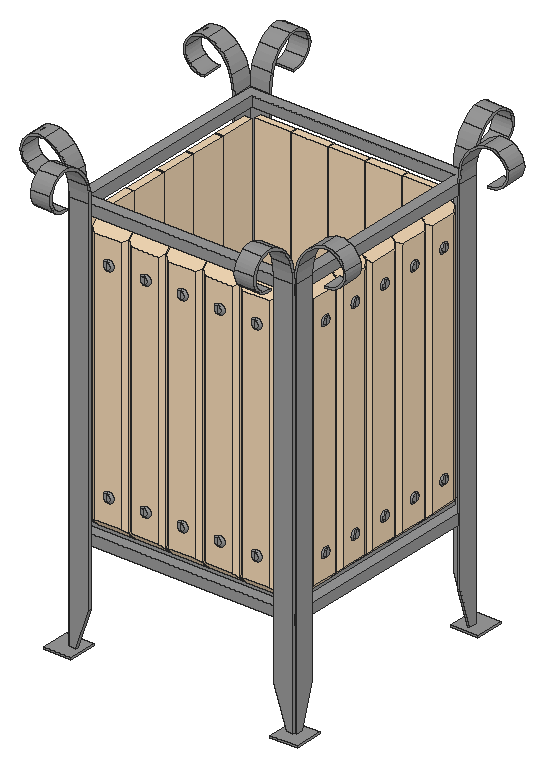
Revit family "Вазон садово-парковый «Топаз»", category Антураж, Revit 2017
Family settings
  На основе рабочей плоскости = Нет
  Всегда вертикально = Да
  При загрузке вырезать с полостями = Нет
  Источник визуального образа = Геометрия семейства
  Общий = Нет
  Точка расчета площади = Нет
Parameters (values of type "Вазон садово-парковый «Топаз»")
  Стоимость = 7776
  Изготовитель = "ООО \"Хоббика\""
  Высота = 0 mm
  АDSK_Материал вазона = Сталь, окрашенная, черная
  URL = "https://hobbyka.ru/product/vazon_sadovo-parkovyi_topaz/?sphrase_id=80627"
  ADSK_Размер_Ширина = 500 mm
  ADSK_Размер_Длина = ADSK_Размер_Ширина  # 500 mm
  ADSK_Размер_Высота = 690 mm
  ADSK_Наименование = "Вазон садово-парковый «Топаз»"
  ADSK_Материал фурнитуры = Сталь, окрашенная, черная
  ADSK_Материал ламелей = Лиственница
  ADSK_Код изделия = "6759"
Reference planes
  plane 1 "По центру (Вперед/Назад)": y = 0
  plane 2: z = 0
  plane 3 "По центру (Влево/Вправо)": x = 0
Forms (mm)
  Extrusion 1, solid, material "Сталь, окрашенная, черная" <- "АDSK_Материал вазона"
    sketch origin (0, 0, 0) x (1, 0, 0) y (0, 0, 1)
      loop
        line (-174.999, 3) -> (-171.999, 3) -> (-171.999, 623)
        arc (-171.999, 623) -> (-172.844, 636.754) -> (-175.364, 650.301) r 112.463
        arc (-175.364, 650.301) -> (-181.412, 663.705) -> (-190.39, 675.353) r 63.326
        arc (-190.39, 675.353) -> (-200.536, 683.518) -> (-212.334, 689.036) r 54.349
        arc (-212.334, 689.036) -> (-223.458, 689.774) -> (-234.085, 686.404) r 30.04
        arc (-234.085, 686.404) -> (-244.281, 677.652) -> (-249.884, 665.439) r 31.395
        arc (-249.884, 665.439) -> (-249.348, 652.428) -> (-242.516, 641.341) r 25.756
        arc (-242.516, 641.341) -> (-231.234, 634.429) -> (-218.102, 632.804) r 31.258
        line (-218.102, 632.804) -> (-218.102, 635.817)
        arc (-218.102, 635.817) -> (-230.115, 637.216) -> (-240.443, 643.51) r 28.258
        arc (-240.443, 643.51) -> (-246.479, 653.305) -> (-246.952, 664.801) r 22.756
        arc (-246.952, 664.801) -> (-241.885, 675.847) -> (-232.664, 683.762) r 28.395
        arc (-232.664, 683.762) -> (-223.145, 686.79) -> (-213.177, 686.155) r 27.04
        arc (-213.177, 686.155) -> (-202.082, 680.947) -> (-192.537, 673.258) r 51.349
        arc (-192.537, 673.258) -> (-184.009, 662.202) -> (-178.251, 649.482) r 60.326
        arc (-178.251, 649.482) -> (-175.815, 636.34) -> (-174.999, 623) r 109.463
        line (-174.999, 623) -> (-174.999, 3)
    from 142 to 172.001
  Extrusion 2, void
    sketch origin (0, 0, 0) x (0, 1, 0) y (0, 0, 1)
      loop
        line (-142, 62.769) -> (-162, 3) -> (-132, 3) -> (-132, 62.769) -> (-142, 62.769)
    from -194.909 to -106.414
  Extrusion 3, solid, material "Сталь, окрашенная, черная" <- "АDSK_Материал вазона"
    sketch origin (0, 0, 0) x (1, 0, 0) y (0, 0, -1)
      loop
        line (-174.999, -3) -> (-174.999, -623)
        arc (-174.999, -623) -> (-175.815, -636.34) -> (-178.251, -649.482) r 109.463
        arc (-178.251, -649.482) -> (-184.009, -662.202) -> (-192.537, -673.258) r 60.326
        arc (-192.537, -673.258) -> (-202.082, -680.947) -> (-213.177, -686.155) r 51.349
        arc (-213.177, -686.155) -> (-223.145, -686.79) -> (-232.664, -683.762) r 27.04
        arc (-232.664, -683.762) -> (-241.885, -675.847) -> (-246.952, -664.801) r 28.395
        arc (-246.952, -664.801) -> (-246.479, -653.305) -> (-240.443, -643.51) r 22.756
        arc (-240.443, -643.51) -> (-230.115, -637.216) -> (-218.102, -635.817) r 28.258
        line (-218.102, -635.817) -> (-218.102, -632.804)
        arc (-218.102, -632.804) -> (-231.234, -634.429) -> (-242.516, -641.341) r 31.258
        arc (-242.516, -641.341) -> (-249.348, -652.428) -> (-249.884, -665.439) r 25.756
        arc (-249.884, -665.439) -> (-244.281, -677.652) -> (-234.085, -686.404) r 31.395
        arc (-234.085, -686.404) -> (-223.458, -689.774) -> (-212.334, -689.036) r 30.04
        arc (-212.334, -689.036) -> (-200.536, -683.518) -> (-190.39, -675.353) r 54.349
        arc (-190.39, -675.353) -> (-181.412, -663.705) -> (-175.364, -650.301) r 63.326
        arc (-175.364, -650.301) -> (-172.844, -636.754) -> (-171.999, -623) r 112.463
        line (-171.999, -623) -> (-171.999, -3) -> (-174.999, -3)
    from 142 to 172.001
  Extrusion 4, void
    sketch origin (0, 0, 0) x (0, -1, 0) y (0, 0, -1)
      loop
        line (-142, -62.769) -> (-132, -62.769) -> (-132, -3) -> (-162, -3) -> (-142, -62.769)
    from -194.909 to -106.414
  Extrusion 5, solid, material "Сталь, окрашенная, черная" <- "АDSK_Материал вазона"
    sketch origin (0, 0, 0) x (-1, 0, 0) y (0, 0, -1)
      loop
        line (-174.999, -3) -> (-174.999, -623)
        arc (-174.999, -623) -> (-175.815, -636.34) -> (-178.251, -649.482) r 109.463
        arc (-178.251, -649.482) -> (-184.009, -662.202) -> (-192.537, -673.258) r 60.326
        arc (-192.537, -673.258) -> (-202.082, -680.947) -> (-213.177, -686.155) r 51.349
        arc (-213.177, -686.155) -> (-223.145, -686.79) -> (-232.664, -683.762) r 27.04
        arc (-232.664, -683.762) -> (-241.885, -675.847) -> (-246.952, -664.801) r 28.395
        arc (-246.952, -664.801) -> (-246.479, -653.305) -> (-240.443, -643.51) r 22.756
        arc (-240.443, -643.51) -> (-230.115, -637.216) -> (-218.102, -635.817) r 28.258
        line (-218.102, -635.817) -> (-218.102, -632.804)
        arc (-218.102, -632.804) -> (-231.234, -634.429) -> (-242.516, -641.341) r 31.258
        arc (-242.516, -641.341) -> (-249.348, -652.428) -> (-249.884, -665.439) r 25.756
        arc (-249.884, -665.439) -> (-244.281, -677.652) -> (-234.085, -686.404) r 31.395
        arc (-234.085, -686.404) -> (-223.458, -689.774) -> (-212.334, -689.036) r 30.04
        arc (-212.334, -689.036) -> (-200.536, -683.518) -> (-190.39, -675.353) r 54.349
        arc (-190.39, -675.353) -> (-181.412, -663.705) -> (-175.364, -650.301) r 63.326
        arc (-175.364, -650.301) -> (-172.844, -636.754) -> (-171.999, -623) r 112.463
        line (-171.999, -623) -> (-171.999, -3) -> (-174.999, -3)
    from 142 to 172.001
  Extrusion 6, void
    sketch origin (0, 0, 0) x (0, 1, 0) y (0, 0, -1)
      loop
        line (-142, -62.769) -> (-132, -62.769) -> (-132, -3) -> (-162, -3) -> (-142, -62.769)
    from -194.909 to -106.414
  Extrusion 7, solid, material "Сталь, окрашенная, черная" <- "АDSK_Материал вазона"
    sketch origin (0, 0, 0) x (-1, 0, 0) y (0, 0, 1)
      loop
        line (-174.999, 3) -> (-171.999, 3) -> (-171.999, 623)
        arc (-171.999, 623) -> (-172.844, 636.754) -> (-175.364, 650.301) r 112.463
        arc (-175.364, 650.301) -> (-181.412, 663.705) -> (-190.39, 675.353) r 63.326
        arc (-190.39, 675.353) -> (-200.536, 683.518) -> (-212.334, 689.036) r 54.349
        arc (-212.334, 689.036) -> (-223.458, 689.774) -> (-234.085, 686.404) r 30.04
        arc (-234.085, 686.404) -> (-244.281, 677.652) -> (-249.884, 665.439) r 31.395
        arc (-249.884, 665.439) -> (-249.348, 652.428) -> (-242.516, 641.341) r 25.756
        arc (-242.516, 641.341) -> (-231.234, 634.429) -> (-218.102, 632.804) r 31.258
        line (-218.102, 632.804) -> (-218.102, 635.817)
        arc (-218.102, 635.817) -> (-230.115, 637.216) -> (-240.443, 643.51) r 28.258
        arc (-240.443, 643.51) -> (-246.479, 653.305) -> (-246.952, 664.801) r 22.756
        arc (-246.952, 664.801) -> (-241.885, 675.847) -> (-232.664, 683.762) r 28.395
        arc (-232.664, 683.762) -> (-223.145, 686.79) -> (-213.177, 686.155) r 27.04
        arc (-213.177, 686.155) -> (-202.082, 680.947) -> (-192.537, 673.258) r 51.349
        arc (-192.537, 673.258) -> (-184.009, 662.202) -> (-178.251, 649.482) r 60.326
        arc (-178.251, 649.482) -> (-175.815, 636.34) -> (-174.999, 623) r 109.463
        line (-174.999, 623) -> (-174.999, 3)
    from 142 to 172.001
  Extrusion 8, void
    sketch origin (0, 0, 0) x (0, -1, 0) y (0, 0, 1)
      loop
        line (-142, 62.769) -> (-162, 3) -> (-132, 3) -> (-132, 62.769) -> (-142, 62.769)
    from -194.909 to -106.414
  Extrusion 9, solid, material "Сталь, окрашенная, черная" <- "АDSK_Материал вазона"
    sketch origin (0.176, -0.001, 0) x (0, 1, 0) y (0, 0, -1)
      loop
        line (-174.999, -3) -> (-174.999, -623)
        arc (-174.999, -623) -> (-175.815, -636.34) -> (-178.251, -649.482) r 109.463
        arc (-178.251, -649.482) -> (-184.009, -662.202) -> (-192.537, -673.258) r 60.326
        arc (-192.537, -673.258) -> (-202.082, -680.947) -> (-213.177, -686.155) r 51.349
        arc (-213.177, -686.155) -> (-223.145, -686.79) -> (-232.664, -683.762) r 27.04
        arc (-232.664, -683.762) -> (-241.885, -675.847) -> (-246.952, -664.801) r 28.395
        arc (-246.952, -664.801) -> (-246.479, -653.305) -> (-240.443, -643.51) r 22.756
        arc (-240.443, -643.51) -> (-230.115, -637.216) -> (-218.102, -635.817) r 28.258
        line (-218.102, -635.817) -> (-218.102, -632.804)
        arc (-218.102, -632.804) -> (-231.234, -634.429) -> (-242.516, -641.341) r 31.258
        arc (-242.516, -641.341) -> (-249.348, -652.428) -> (-249.884, -665.439) r 25.756
        arc (-249.884, -665.439) -> (-244.281, -677.652) -> (-234.085, -686.404) r 31.395
        arc (-234.085, -686.404) -> (-223.458, -689.774) -> (-212.334, -689.036) r 30.04
        arc (-212.334, -689.036) -> (-200.536, -683.518) -> (-190.39, -675.353) r 54.349
        arc (-190.39, -675.353) -> (-181.412, -663.705) -> (-175.364, -650.301) r 63.326
        arc (-175.364, -650.301) -> (-172.844, -636.754) -> (-171.999, -623) r 112.463
        line (-171.999, -623) -> (-171.999, -3) -> (-174.999, -3)
    from 142 to 172.001
  Extrusion 10, void
    sketch origin (0.176, -0.001, 0) x (1, 0, 0) y (0, 0, -1)
      loop
        line (-142, -62.769) -> (-132, -62.769) -> (-132, -3) -> (-162, -3) -> (-142, -62.769)
    from -194.909 to -106.414
  Extrusion 11, solid, material "Сталь, окрашенная, черная" <- "АDSK_Материал вазона"
    sketch origin (-0.176, -0.001, 0) x (0, 1, 0) y (0, 0, 1)
      loop
        line (-174.999, 3) -> (-171.999, 3) -> (-171.999, 623)
        arc (-171.999, 623) -> (-172.844, 636.754) -> (-175.364, 650.301) r 112.463
        arc (-175.364, 650.301) -> (-181.412, 663.705) -> (-190.39, 675.353) r 63.326
        arc (-190.39, 675.353) -> (-200.536, 683.518) -> (-212.334, 689.036) r 54.349
        arc (-212.334, 689.036) -> (-223.458, 689.774) -> (-234.085, 686.404) r 30.04
        arc (-234.085, 686.404) -> (-244.281, 677.652) -> (-249.884, 665.439) r 31.395
        arc (-249.884, 665.439) -> (-249.348, 652.428) -> (-242.516, 641.341) r 25.756
        arc (-242.516, 641.341) -> (-231.234, 634.429) -> (-218.102, 632.804) r 31.258
        line (-218.102, 632.804) -> (-218.102, 635.817)
        arc (-218.102, 635.817) -> (-230.115, 637.216) -> (-240.443, 643.51) r 28.258
        arc (-240.443, 643.51) -> (-246.479, 653.305) -> (-246.952, 664.801) r 22.756
        arc (-246.952, 664.801) -> (-241.885, 675.847) -> (-232.664, 683.762) r 28.395
        arc (-232.664, 683.762) -> (-223.145, 686.79) -> (-213.177, 686.155) r 27.04
        arc (-213.177, 686.155) -> (-202.082, 680.947) -> (-192.537, 673.258) r 51.349
        arc (-192.537, 673.258) -> (-184.009, 662.202) -> (-178.251, 649.482) r 60.326
        arc (-178.251, 649.482) -> (-175.815, 636.34) -> (-174.999, 623) r 109.463
        line (-174.999, 623) -> (-174.999, 3)
    from 142 to 172.001
  Extrusion 12, void
    sketch origin (-0.176, -0.001, 0) x (-1, 0, 0) y (0, 0, 1)
      loop
        line (-142, 62.769) -> (-162, 3) -> (-132, 3) -> (-132, 62.769) -> (-142, 62.769)
    from -194.909 to -106.414
  Extrusion 13, solid, material "Сталь, окрашенная, черная" <- "АDSK_Материал вазона"
    sketch origin (0.176, 0.001, 0) x (0, -1, 0) y (0, 0, 1)
      loop
        line (-174.999, 3) -> (-171.999, 3) -> (-171.999, 623)
        arc (-171.999, 623) -> (-172.844, 636.754) -> (-175.364, 650.301) r 112.463
        arc (-175.364, 650.301) -> (-181.412, 663.705) -> (-190.39, 675.353) r 63.326
        arc (-190.39, 675.353) -> (-200.536, 683.518) -> (-212.334, 689.036) r 54.349
        arc (-212.334, 689.036) -> (-223.458, 689.774) -> (-234.085, 686.404) r 30.04
        arc (-234.085, 686.404) -> (-244.281, 677.652) -> (-249.884, 665.439) r 31.395
        arc (-249.884, 665.439) -> (-249.348, 652.428) -> (-242.516, 641.341) r 25.756
        arc (-242.516, 641.341) -> (-231.234, 634.429) -> (-218.102, 632.804) r 31.258
        line (-218.102, 632.804) -> (-218.102, 635.817)
        arc (-218.102, 635.817) -> (-230.115, 637.216) -> (-240.443, 643.51) r 28.258
        arc (-240.443, 643.51) -> (-246.479, 653.305) -> (-246.952, 664.801) r 22.756
        arc (-246.952, 664.801) -> (-241.885, 675.847) -> (-232.664, 683.762) r 28.395
        arc (-232.664, 683.762) -> (-223.145, 686.79) -> (-213.177, 686.155) r 27.04
        arc (-213.177, 686.155) -> (-202.082, 680.947) -> (-192.537, 673.258) r 51.349
        arc (-192.537, 673.258) -> (-184.009, 662.202) -> (-178.251, 649.482) r 60.326
        arc (-178.251, 649.482) -> (-175.815, 636.34) -> (-174.999, 623) r 109.463
        line (-174.999, 623) -> (-174.999, 3)
    from 142 to 172.001
  Extrusion 14, void
    sketch origin (0.176, 0.001, 0) x (1, 0, 0) y (0, 0, 1)
      loop
        line (-142, 62.769) -> (-162, 3) -> (-132, 3) -> (-132, 62.769) -> (-142, 62.769)
    from -194.909 to -106.414
  Extrusion 15, solid, material "Сталь, окрашенная, черная" <- "АDSK_Материал вазона"
    sketch origin (-0.176, 0.001, 0) x (0, -1, 0) y (0, 0, -1)
      loop
        line (-174.999, -3) -> (-174.999, -623)
        arc (-174.999, -623) -> (-175.815, -636.34) -> (-178.251, -649.482) r 109.463
        arc (-178.251, -649.482) -> (-184.009, -662.202) -> (-192.537, -673.258) r 60.326
        arc (-192.537, -673.258) -> (-202.082, -680.947) -> (-213.177, -686.155) r 51.349
        arc (-213.177, -686.155) -> (-223.145, -686.79) -> (-232.664, -683.762) r 27.04
        arc (-232.664, -683.762) -> (-241.885, -675.847) -> (-246.952, -664.801) r 28.395
        arc (-246.952, -664.801) -> (-246.479, -653.305) -> (-240.443, -643.51) r 22.756
        arc (-240.443, -643.51) -> (-230.115, -637.216) -> (-218.102, -635.817) r 28.258
        line (-218.102, -635.817) -> (-218.102, -632.804)
        arc (-218.102, -632.804) -> (-231.234, -634.429) -> (-242.516, -641.341) r 31.258
        arc (-242.516, -641.341) -> (-249.348, -652.428) -> (-249.884, -665.439) r 25.756
        arc (-249.884, -665.439) -> (-244.281, -677.652) -> (-234.085, -686.404) r 31.395
        arc (-234.085, -686.404) -> (-223.458, -689.774) -> (-212.334, -689.036) r 30.04
        arc (-212.334, -689.036) -> (-200.536, -683.518) -> (-190.39, -675.353) r 54.349
        arc (-190.39, -675.353) -> (-181.412, -663.705) -> (-175.364, -650.301) r 63.326
        arc (-175.364, -650.301) -> (-172.844, -636.754) -> (-171.999, -623) r 112.463
        line (-171.999, -623) -> (-171.999, -3) -> (-174.999, -3)
    from 142 to 172.001
  Extrusion 16, void
    sketch origin (-0.176, 0.001, 0) x (-1, 0, 0) y (0, 0, -1)
      loop
        line (-142, -62.769) -> (-132, -62.769) -> (-132, -3) -> (-162, -3) -> (-142, -62.769)
    from -194.909 to -106.414
  Extrusion 17, solid, material "Сталь, окрашенная, черная" <- "АDSK_Материал вазона"
    sketch origin (0, 0, 0) x (1, 0, 0) y (0, 1, 0)
      loop
        line (-194.999, 195.499) -> (-194.999, 151.499) -> (-152.999, 151.499) -> (-152.999, 195.499) -> (-194.999, 195.499)
      loop
        line (194.999, 195.499) -> (152.999, 195.499) -> (152.999, 151.499) -> (194.999, 151.499) -> (194.999, 195.499)
      loop
        line (-194.999, -195.499) -> (-152.999, -195.499) -> (-152.999, -151.499) -> (-194.999, -151.499) -> (-194.999, -195.499)
      loop
        line (194.999, -195.499) -> (194.999, -151.499) -> (152.999, -151.499) -> (152.999, -195.499) -> (194.999, -195.499)
    from 0 to 3
  Extrusion 18, solid, material "Сталь, окрашенная, черная" <- "АDSK_Материал вазона"
    sketch origin (0, 0, 0) x (1, 0, 0) y (0, 1, 0)
      loop
        line (-156, 156) -> (-156, -156.001) -> (156, -156.001) -> (156, 156) -> (-156, 156)
      loop
        line (171.999, -172.001) -> (171.999, 172) -> (-171.825, 172) -> (-171.825, -172.001) -> (171.999, -172.001)
    from 151.601 to 167.601
  Extrusion 19, solid, material "Сталь, окрашенная, черная" <- "АDSK_Материал вазона"
    sketch origin (0, 0, 455) x (1, 0, 0) y (0, 1, 0)
      loop
        line (-156, 156) -> (-156, -156.001) -> (156, -156.001) -> (156, 156) -> (-156, 156)
      loop
        line (171.999, -172.001) -> (171.999, 172) -> (-171.825, 172) -> (-171.825, -172.001) -> (171.999, -172.001)
    from 151.601 to 167.601
  Extrusion 20, solid, material "Сталь, окрашенная, черная" <- "АDSK_Материал вазона"
    sketch origin (0, 0, 0) x (1, 0, 0) y (0, 1, 0)
      loop
        line (-156, 156) -> (-156, -156.001) -> (156, -156.001) -> (156, 156) -> (-156, 156)
    from 167.601 to 172.601
Cuts and joins
  Extrusion 2, Extrusion 4, Extrusion 6, Extrusion 10 cuts Extrusion 1
  Extrusion 4, Extrusion 8 cuts Extrusion 3
  Extrusion 6 cuts Extrusion 5
  Extrusion 8 cuts Extrusion 7
  Extrusion 10, Extrusion 12, Extrusion 14 cuts Extrusion 9
  Extrusion 12, Extrusion 16 cuts Extrusion 11
  Extrusion 14 cuts Extrusion 13
  Extrusion 16 cuts Extrusion 15
Dimensions and locks
  aligned and locked: level to plane 2
Nested families
  nested 1: "Семейство3" at (86, -144.001, 601.553) x (0, 0, -1) z (0, -1, 0), Материал ламели <- "ADSK_Материал ламелей", Материал фурнитуры <- "ADSK_Материал фурнитуры", type "Семейство3"
    with Материал фурнитуры Сталь, окрашенная, черная, Материал ламели Лиственница, Длина ламели 428.952 mm, b 54.554 mm
  nested 2: "Семейство3" at (29, -144.001, 601.553) x (0, 0, -1) z (0, -1, 0), Материал ламели <- "ADSK_Материал ламелей", Материал фурнитуры <- "ADSK_Материал фурнитуры", type "Семейство3"
    with Материал фурнитуры Сталь, окрашенная, черная, Материал ламели Лиственница, Длина ламели 428.952 mm, b 54.554 mm
  nested 3: "Семейство3" at (-28, -144.001, 601.553) x (0, 0, -1) z (0, -1, 0), Материал ламели <- "ADSK_Материал ламелей", Материал фурнитуры <- "ADSK_Материал фурнитуры", type "Семейство3"
    with Материал фурнитуры Сталь, окрашенная, черная, Материал ламели Лиственница, Длина ламели 428.952 mm, b 54.554 mm
  nested 4: "Семейство3" at (-85, -144.001, 601.553) x (0, 0, -1) z (0, -1, 0), Материал ламели <- "ADSK_Материал ламелей", Материал фурнитуры <- "ADSK_Материал фурнитуры", type "Семейство3"
    with Материал фурнитуры Сталь, окрашенная, черная, Материал ламели Лиственница, Длина ламели 428.952 mm, b 54.554 mm
  nested 5: "Семейство3" at (-141.824, -144.001, 601.553) x (0, 0, -1) z (0, -1, 0), Материал ламели <- "ADSK_Материал ламелей", Материал фурнитуры <- "ADSK_Материал фурнитуры", type "Семейство3"
    with Материал фурнитуры Сталь, окрашенная, черная, Материал ламели Лиственница, Длина ламели 428.952 mm, b 54.554 mm
  nested 6: "Семейство3" at (86, 144.001, 601.553) x (0, 0, -1) z (0, 1, 0), Материал ламели <- "ADSK_Материал ламелей", Материал фурнитуры <- "ADSK_Материал фурнитуры", type "Семейство3"
    with Материал фурнитуры Сталь, окрашенная, черная, Материал ламели Лиственница, Длина ламели 428.952 mm, b 54.554 mm
  nested 7: "Семейство3" at (29, 144.001, 601.553) x (0, 0, -1) z (0, 1, 0), Материал ламели <- "ADSK_Материал ламелей", Материал фурнитуры <- "ADSK_Материал фурнитуры", type "Семейство3"
    with Материал фурнитуры Сталь, окрашенная, черная, Материал ламели Лиственница, Длина ламели 428.952 mm, b 54.554 mm
  nested 8: "Семейство3" at (-28, 144.001, 601.553) x (0, 0, -1) z (0, 1, 0), Материал ламели <- "ADSK_Материал ламелей", Материал фурнитуры <- "ADSK_Материал фурнитуры", type "Семейство3"
    with Материал фурнитуры Сталь, окрашенная, черная, Материал ламели Лиственница, Длина ламели 428.952 mm, b 54.554 mm
  nested 9: "Семейство3" at (-85, 144.001, 601.553) x (0, 0, -1) z (0, 1, 0), Материал ламели <- "ADSK_Материал ламелей", Материал фурнитуры <- "ADSK_Материал фурнитуры", type "Семейство3"
    with Материал фурнитуры Сталь, окрашенная, черная, Материал ламели Лиственница, Длина ламели 428.952 mm, b 54.554 mm
  nested 10: "Семейство3" at (-141.824, 144.001, 601.553) x (0, 0, -1) z (0, 1, 0), Материал ламели <- "ADSK_Материал ламелей", Материал фурнитуры <- "ADSK_Материал фурнитуры", type "Семейство3"
    with Материал фурнитуры Сталь, окрашенная, черная, Материал ламели Лиственница, Длина ламели 428.952 mm, b 54.554 mm
  nested 11: "Семейство3" at (144, -27.5, 601.553) x (0, 0, -1) z (1, 0, 0), Материал ламели <- "ADSK_Материал ламелей", Материал фурнитуры <- "ADSK_Материал фурнитуры", type "Семейство3"
    with Материал фурнитуры Сталь, окрашенная, черная, Материал ламели Лиственница, Длина ламели 428.952 mm, b 54.554 mm
  nested 12: "Семейство3" at (144, -84.5, 601.553) x (0, 0, -1) z (1, 0, 0), Материал ламели <- "ADSK_Материал ламелей", Материал фурнитуры <- "ADSK_Материал фурнитуры", type "Семейство3"
    with Материал фурнитуры Сталь, окрашенная, черная, Материал ламели Лиственница, Длина ламели 428.952 mm, b 54.554 mm
  nested 13: "Семейство3" at (144, -141.5, 601.553) x (0, 0, -1) z (1, 0, 0), Материал ламели <- "ADSK_Материал ламелей", Материал фурнитуры <- "ADSK_Материал фурнитуры", type "Семейство3"
    with Материал фурнитуры Сталь, окрашенная, черная, Материал ламели Лиственница, Длина ламели 428.952 mm, b 54.554 mm
  nested 14: "Семейство3" at (144, 84.5, 601.553) x (0, 0, -1) z (1, 0, 0), Материал ламели <- "ADSK_Материал ламелей", Материал фурнитуры <- "ADSK_Материал фурнитуры", type "Семейство3"
    with Материал фурнитуры Сталь, окрашенная, черная, Материал ламели Лиственница, Длина ламели 428.952 mm, b 54.554 mm
  nested 15: "Семейство3" at (144, 141.5, 601.553) x (0, 0, -1) z (1, 0, 0), Материал ламели <- "ADSK_Материал ламелей", Материал фурнитуры <- "ADSK_Материал фурнитуры", type "Семейство3"
    with Материал фурнитуры Сталь, окрашенная, черная, Материал ламели Лиственница, Длина ламели 428.952 mm, b 54.554 mm
  nested 16: "Семейство3" at (-144, -27.5, 601.553) x (0, 0, -1) z (-1, 0, 0), Материал ламели <- "ADSK_Материал ламелей", Материал фурнитуры <- "ADSK_Материал фурнитуры", type "Семейство3"
    with Материал фурнитуры Сталь, окрашенная, черная, Материал ламели Лиственница, Длина ламели 428.952 mm, b 54.554 mm
  nested 17: "Семейство3" at (-144, -84.5, 601.553) x (0, 0, -1) z (-1, 0, 0), Материал ламели <- "ADSK_Материал ламелей", Материал фурнитуры <- "ADSK_Материал фурнитуры", type "Семейство3"
    with Материал фурнитуры Сталь, окрашенная, черная, Материал ламели Лиственница, Длина ламели 428.952 mm, b 54.554 mm
  nested 18: "Семейство3" at (-144, -141.5, 601.553) x (0, 0, -1) z (-1, 0, 0), Материал ламели <- "ADSK_Материал ламелей", Материал фурнитуры <- "ADSK_Материал фурнитуры", type "Семейство3"
    with Материал фурнитуры Сталь, окрашенная, черная, Материал ламели Лиственница, Длина ламели 428.952 mm, b 54.554 mm
  nested 19: "Семейство3" at (-144, 84.5, 601.553) x (0, 0, -1) z (-1, 0, 0), Материал ламели <- "ADSK_Материал ламелей", Материал фурнитуры <- "ADSK_Материал фурнитуры", type "Семейство3"
    with Материал фурнитуры Сталь, окрашенная, черная, Материал ламели Лиственница, Длина ламели 428.952 mm, b 54.554 mm
  nested 20: "Семейство3" at (-144, 141.5, 601.553) x (0, 0, -1) z (-1, 0, 0), Материал ламели <- "ADSK_Материал ламелей", Материал фурнитуры <- "ADSK_Материал фурнитуры", type "Семейство3"
    with Материал фурнитуры Сталь, окрашенная, черная, Материал ламели Лиственница, Длина ламели 428.952 mm, b 54.554 mm
Definition of nested family "Семейство3"
  Parameters (values of type "Семейство3")
    Default Elevation = 1219.2 mm
    Материал фурнитуры [instance] = none
    Материал ламели [instance] = none
    Длина ламели [instance] = 424.398 mm
    b [instance] = 50 mm
  Reference planes
    plane 1 "По центру (Вперед/Назад)": y = 0
    plane 2: z = 0
    plane 3 "По центру (Влево/Вправо)": x = 0
    plane 4: x = 424.398
    plane 5: x = 50
    plane 6: x = 374.398
    plane 7: y = 27.5
  Forms (mm)
    Extrusion 1, solid
      sketch origin (0, 0, 0) x (1, 0, 0) y (0, 1, 0)
        loop
          line (-1219.2, 1219.2) -> (-1219.2, -1219.2) -> (1219.2, -1219.2) -> (1219.2, 1219.2) -> (-1219.2, 1219.2)
      from 0 to -304.8
    Extrusion 2, solid, material <- "Материал ламели"
      sketch origin (0, 0, 0) x (0, 1, 0) y (0, 0, 1)
        loop
          line (48.207, 28) -> (6.793, 28) -> (0, 23.25) -> (0, 0) -> (55, 0) -> (55, 23.25) -> (48.207, 28)
      from 0 to 424.398
    Extrusion 3, void
      sketch origin (0, 0, 0) x (1, 0, 0) y (0, 0, 1)
        loop
          line (0, 11.625) -> (16.375, 28) -> (0, 28) -> (0, 11.625)
      from -83.197 to 37.16
    Extrusion 4, void
      sketch origin (446.463, 0, 0) x (-1, 0, 0) y (0, 0, -1)
        loop
          line (22.065, -11.625) -> (22.065, -28) -> (38.44, -28) -> (22.065, -11.625)
      from -83.197 to 37.16
    Revolve 5, solid, material <- "Материал фурнитуры"
      sketch origin (0, 27.5, 0) x (1, 0, 0) y (0, 0, 1)
        loop
          line (50, 30.894) -> (50, 28) -> (58.028, 28) -> (55.6, 30.894) -> (50, 30.894)
        axis (50, 30.894) -> (50, 28)
      angle from 0 to 360
    Revolve 6, solid, material <- "Материал фурнитуры"
      sketch origin (346.463, 27.5, 0) x (1, 0, 0) y (0, 0, 1)
        loop
          line (27.935, 30.894) -> (27.935, 28) -> (35.963, 28) -> (33.535, 30.894) -> (27.935, 30.894)
        axis (27.935, 30.894) -> (27.935, 28)
      angle from 0 to 360
  Cuts and joins
    Extrusion 3, Extrusion 4 cuts Extrusion 2
  Dimensions and locks
    "Длина ламели": plane 4 to plane 3 "По центру (Влево/Вправо)"
    "b": plane 3 "По центру (Влево/Вправо)" to plane 5
    "b": plane 6 to plane 4
    equal spacing: plane 1 "По центру (Вперед/Назад)", plane 7, cut or joined group of Extrusion 2, Extrusion 3, Extrusion 4
    aligned and locked: plane 2 to Extrusion 1
    aligned and locked: level to Extrusion 1
    aligned and locked: plane 4 to Extrusion 2
    aligned and locked: Extrusion 2 to plane 3 "По центру (Влево/Вправо)"
    aligned and locked: Extrusion 3 sketch curve to plane 3 "По центру (Влево/Вправо)"
    aligned and locked: Extrusion 2 to Extrusion 3 sketch curve
    aligned and locked: plane 4 to cut or joined group of Extrusion 2, Extrusion 3, Extrusion 4
    aligned and locked: plane 7 to Revolve 5
    aligned and locked: plane 7 to Revolve 6
  Automatic sketch dimensions
    Extrusion 1 sketch curve to Extrusion 1 sketch curve = 2438.4 mm  (x2)
    Extrusion 2 sketch curve to level = 0 mm
    Extrusion 2 sketch curve to plane 1 "По центру (Вперед/Назад)" = 0 mm
    Extrusion 2 sketch curve to plane 1 "По центру (Вперед/Назад)" = 6.793 mm
    plane 7 to Extrusion 2 sketch curve = 20.707 mm
    plane 7 to Extrusion 2 sketch curve = 27.5 mm
    level to Extrusion 2 sketch curve = 23.25 mm
    Extrusion 2 sketch curve to Extrusion 2 sketch curve = 23.25 mm
    Extrusion 2 sketch curve to Extrusion 2 sketch curve = 4.75 mm
    plane 3 "По центру (Влево/Вправо)" to Extrusion 3 sketch curve = 16.375 mm
    level to Extrusion 3 sketch curve = 11.625 mm
    Extrusion 4 sketch curve to plane 4 = 0 mm
    plane 4 to Extrusion 4 sketch curve = 16.375 mm
    Extrusion 4 sketch curve to level = 11.625 mm
    Extrusion 4 sketch curve to Extrusion 4 sketch curve = 16.375 mm
    Revolve 5 sketch curve to plane 5 = 0 mm  (x2)
    plane 5 to Revolve 5 sketch curve = 5.6 mm
    Revolve 5 sketch curve to Revolve 5 sketch curve = 2.428 mm
    level to Revolve 5 sketch curve = 28 mm
    Revolve 5 sketch curve to Revolve 5 sketch curve = 2.894 mm
    Revolve 5 sketch curve to level = 72 mm
    Revolve 5 sketch curve to Revolve 5 sketch curve = 32.106 mm
    Revolve 6 sketch curve to plane 6 = 0 mm  (x2)
    Revolve 6 sketch curve to Revolve 6 sketch curve = 5.6 mm
    Revolve 6 sketch curve to Revolve 6 sketch curve = 2.428 mm
    level to Revolve 6 sketch curve = 28 mm
    Revolve 6 sketch curve to Revolve 6 sketch curve = 2.894 mm
    Revolve 6 sketch curve to level = 72 mm
    Revolve 6 sketch curve to Revolve 6 sketch curve = 32.106 mm
